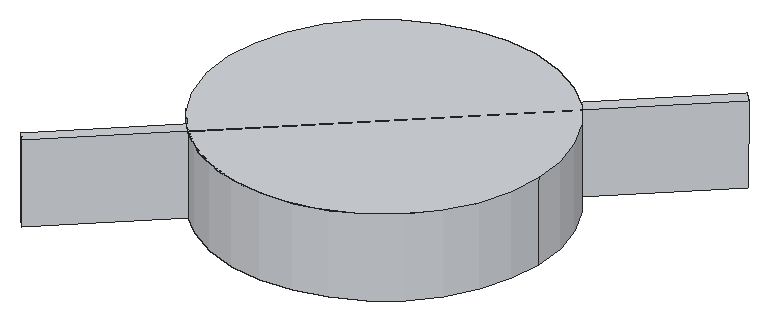
Revit family "電線管用ファミリ(片側のみ)_31", category Electrical Fixtures, Revit 2021
Family settings
  Maintain Annotation Orientation = No
  Round Connector Dimension = Use Diameter
  Part Type = Normal
  OmniClass Number = 23.80.00.00
  OmniClass Title = Electric Power and Lighting
  Work Plane-Based = No
  Always vertical = Yes
  Cut with Voids When Loaded = No
  Shared = No
  Room Calculation Point = No
Parameters
  コネクタ直径 [instance] = 16 mm
  W [instance] = 200 mm
  Default Elevation = 0 mm
  D [instance] = 200 mm
Reference planes
  plane 1 "Center (Front/Back)": y = 0
  plane 2: z = 0
  plane 3 "Center (Left/Right)": x = 0
  plane 4: x = -100
  plane 5: x = 100
  plane 6: y = 100
  plane 7: y = -100
  plane 8: z = 33.685
  plane 9: z = 50
Forms (mm)
  Extrusion 1, solid
    sketch origin (0, 0, 0) x (1, 0, 0) y (0, 1, 0)
      loop
        circle (0, 0) r 100
    from 0 to 50
  Extrusion 2, solid
    sketch origin (0, 0, 0) x (1, 0, 0) y (0, 1, 0)
      loop
        line (-132.86, -126.778) -> (-127.25, -132.388) -> (132.655, 127.518) -> (127.045, 133.128) -> (-132.86, -126.778)
    from 0 to 50
Dimensions and locks
  equal spacing: plane 4, plane 3 "Center (Left/Right)", plane 5
  "W": plane 4 to plane 5
  equal spacing: plane 6, plane 1 "Center (Front/Back)", plane 7
  "D": plane 6 to plane 7
  aligned and locked: level to plane 2
  aligned and locked: plane 9 to Extrusion 1
Automatic sketch dimensions
  plane 1 "Center (Front/Back)" to Extrusion 1 sketch curve = 0 mm
  Extrusion 1 sketch curve to plane 3 "Center (Left/Right)" = 0 mm
  Extrusion 2 sketch curve to plane 7 = 26.778 mm
  Extrusion 2 sketch curve to plane 4 = 27.25 mm
  plane 5 to Extrusion 2 sketch curve = 27.045 mm
  plane 6 to Extrusion 2 sketch curve = 27.518 mm
  plane 5 to Extrusion 2 sketch curve = 32.655 mm
  radius of Extrusion 1 sketch curve = 100 mm
Connectors
  cabletrayconduit at (0, 0, 50), diameter 16
    settings: on Extrusion 1, index 1, connector width 300 mm, connector height 300 mm, connector angle 0.00°, system type 32, placement type 0, profile type 0, connector reference index -1, is primary connector yes, connector utility param no, connector description ""
